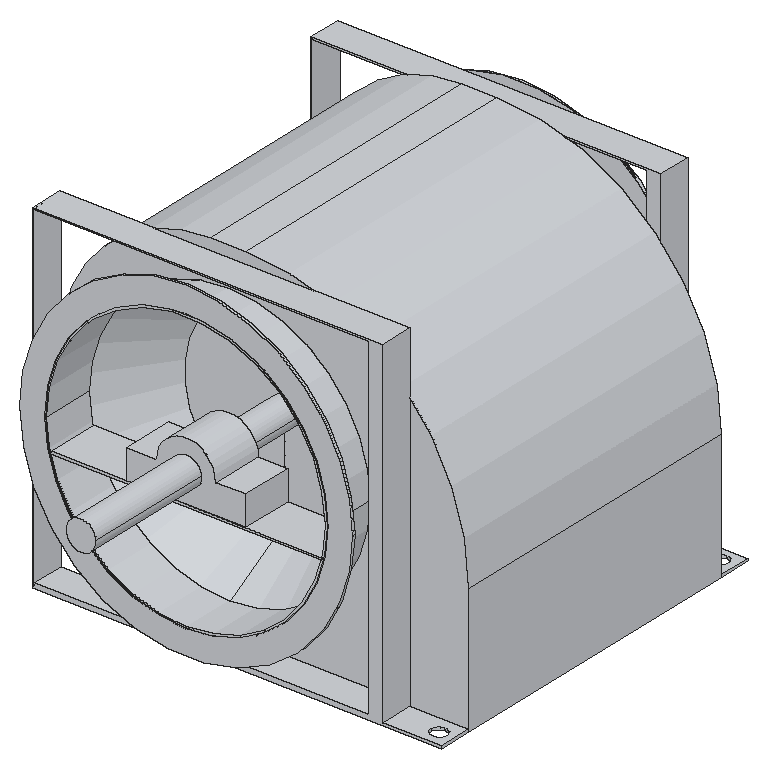
Revit family "CAF_DWDI_CW_DBD", category Mechanical Equipment, Revit 2019
Family settings
  Round Connector Dimension = Use Radius
  Part Type = Normal
  Work Plane-Based = No
  Always vertical = Yes
  Cut with Voids When Loaded = No
  Shared = No
  Room Calculation Point = No
Parameters (values of type "120_CAF-DWDI_CW_DBD_CLASS_3")
  V+(D-(A+.25"))/2 = 1 15/16"
  V = 1"
  Unit Weight [instance] = ""
  U-N = U - N  # 1 1/16"
  U = 7 9/16"
  T/2 = T / 2  # 10 1/32"
  T = 20 1/16"
  Sones [instance] = ""
  S/2 = S / 2  # 10 1/16"
  S = 20 1/8"
  OLD_R/2 = OLD_R / 2  # 9 5/8"
  OLD_R = 19 1/4"
  PLAY = 2"
  P = 31 7/16"
  N = 6 1/2"
  Motor RPM [instance] = ""
  Motor Enclosure [instance] = ""
  ModelID [instance] = ""
  M = 21 13/16"
  LwA [instance] = ""
  L = 10 15/16"
  K/2 = K / 2  # 15/32"
  K = 15/16"
  INLET/4 = INLET / 4  # 4 1/32"
  INLET/2 = INLET / 2  # 8 1/16"
  INLET = 16 1/8"
  H-J = 9 5/8"
  G-(R/2) = OLD_G - (OLD_R / 2)  # 3/16"
  G-(INLET/2)-1.625" = OLD_G - (INLET / 2) - 1 1/2"  # 1/4"
  G+(INLET/2)+1.625" = OLD_G + (INLET / 2) + 1 1/2"  # 19 3/8"
  OLD_G = DB_E  # 9 13/16"
  Fan RPM [instance] = ""
  E/2 = 9 29/32"
  DB_R = 7/8"
  DB_J = 23 5/16"
  DB_H = 1 1/16"
  DB_G = 9 9/16"
  DB_F = 23 5/16"
  DB_E = 9 13/16"
  DB_D = 20 1/16"
  D/2 = 7 1/8"
  C/2 = C / 2  # 27/32"
  C+C = C + C  # 3 3/8"
  C = 1 11/16"
  BOTTOM = 5 7/32"
  B/2 = B / 2  # 8 27/32"
  B+.25" = B + 1/4"  # 17 15/16"
  B = 17 11/16"
  Accessories [instance] = ""
  A/2 = A / 2  # 6 1/16"
  A+.25" = A + 1/4"  # 12 3/8"
  A = 12 1/8"
  60 = 60.00°  # constant formula
  3" = 3"  # constant formula
  Brake Hp [instance] = ""
  D/7 = 1 3/16"
  2' = 24"
  2" = 2"  # constant formula
  1" = 1"  # constant formula
  0 = 0"  # constant formula
  Voltage [instance] = 0 V
  URL = "www.lorencook.com"
  Type Comments = "Centrifugal Airfoil Blower Clockwise Down Blast Arrangement 3 Low Profile Class 3"
  Static Pressure [instance] = 0.00 in-wg
  Power [instance] = Voltage * Motor FLA * sqrt(if(Phase = 3, 3, 1))  # 0 VA
  Phase [instance] = 0
  Number of Poles [instance] = 1
  Motor Hp [instance] = "0"
  Motor FLA [instance] = 0 A
  Model = "CAF-DWDI"  # constant formula
  Manufacturer = "Loren Cook Company"
  CFM [instance] = 0 CFM
  1.5 = 1 1/2"  # constant formula
  ONE EIGTH = 1/8"  # constant formula
  -P = -P  # -31 7/16"
  -(B+.25")/2 = -(B + 1/4") / 2  # -8 31/32"
  (M-(B+.25")/2 = (M - (B + 1/4")) / 2  # 1 15/16"
  (INLET/2)-.125" = (INLET / 2) - 1/8"  # 7 15/16"
  (INLET/2)+1.625" = (INLET / 2) + 1 1/2"  # 9 9/16"
  (INLET/2)+1.5" = (INLET / 2) + 1 7/16"  # 9 1/2"
  (D-(A+.25"))/2 = 15/16"
  (B+.25")/2 = (B + 1/4") / 2  # 8 31/32"
  (A+.25")/2 = (A + 1/4") / 2  # 6 3/16"
  ((M+U+U+N+N)-((B+.25")/2))/2 = ((M + U + U - N - N) - ((B + 1/4"))) / 2  # 3"
Reference planes (in)
  plane 1 "Center (Front/Back)": y = 0
  plane 2: z = 0
  plane 3 "Center (Left/Right)": x = 0.40541
Forms (in)
  Extrusion 1, solid
    sketch origin (0, 0, 0) x (1, 0, 0) y (0, 0, 1)
      loop
        line (-9.15709, 1.1875) -> (1.78041, 1.1875) -> (1.78041, 0) -> (14.15541, 0) -> (14.15541, 20.0625) -> (-9.15709, 20.0625) -> (-9.15709, 1.1875)
    from -8.96875 <- "-(B+.25")/2" to 8.96875 <- "(B+.25")/2"
  Revolve 2, void
    sketch origin (0.40541, 0, 0) x (0, 1, 0) y (0, 0, 1)
      loop
        line (8.96875, 9.8125) -> (4.9375, 9.8125) -> (4.9375, 4.07744) -> (8.96875, 1.75) -> (8.96875, 9.8125)
      loop
        line (-4.9375, 9.8125) -> (-8.96875, 9.8125) -> (-8.96875, 1.75) -> (-4.9375, 4.07744) -> (-4.9375, 9.8125)
      axis (8.96875, 9.8125) -> (-8.96875, 9.8125)
    angle from 0 to 360
  Extrusion 3, solid
    sketch origin (0, -8.96875, 0) x (1, 0, 0) y (0, 0, 1)
      loop
        circle (0.40541, 9.8125) r 7.9375
      loop
        circle (0.40541, 9.8125) r 8.0625
    from 0 <- "0" to 3 <- "((M+U+U+N+N)-((B+.25")/2))/2"
  Extrusion 4, solid
    sketch origin (0, 8.96875, 0) x (-1, 0, 0) y (0, 0, 1)
      loop
        circle (-0.40541, 9.8125) r 7.9375
      loop
        circle (-0.40541, 9.8125) r 8.0625
    from 0 to 3 <- "((M+U+U+N+N)-((B+.25")/2))/2"
  Extrusion 5, solid
    sketch origin (0, 8.96875, 0) x (-1, 0, 0) y (0, 0, 1)
      loop
        line (-14.15541, 0) -> (9.21959, 0) -> (9.21959, 19.4375) -> (-10.74916, 19.4375) -> (-10.74916, 0.125) -> (-14.15541, 0.125) -> (-14.15541, 0)
      loop
        line (9.15709, 19.375) -> (-9.96791, 19.375) -> (-9.96791, 0.25) -> (9.15709, 0.25) -> (9.15709, 19.375)
      loop
        line (-9.96791, 0.1875) -> (-9.96791, 0.125) -> (9.15709, 0.125) -> (9.15709, 0.1875) -> (-9.96791, 0.1875)
    from 0 to 1.9375 <- "(M-(B+.25")/2"
  Extrusion 6, solid
    sketch origin (0, -8.96875, 0) x (1, 0, 0) y (0, 0, 1)
      loop
        line (-9.21959, 19.4375) -> (-9.21959, 0) -> (14.15541, 0) -> (14.15541, 0.125) -> (10.74916, 0.125) -> (10.74916, 19.4375) -> (-9.21959, 19.4375)
      loop
        line (9.96791, 0.125) -> (9.96791, 0.1875) -> (-9.15709, 0.1875) -> (-9.15709, 0.125) -> (9.96791, 0.125)
      loop
        line (-9.15709, 0.25) -> (9.96791, 0.25) -> (9.96791, 19.375) -> (-9.15709, 19.375) -> (-9.15709, 0.25)
    from 0 to 1.9375 <- "(M-(B+.25")/2"
  Extrusion 7, solid
    sketch origin (0, -8.96875, 0) x (1, 0, 0) y (0, 0, 1)
      loop
        arc (-7.35063, 8.125) -> (-7.33676, 8.06244) -> (-7.32238, 8) r 7.9375
        line (-7.32238, 8) -> (8.1332, 8)
        arc (8.1332, 8) -> (8.14758, 8.06244) -> (8.16146, 8.125) r 7.9375
        line (8.16146, 8.125) -> (-7.35063, 8.125)
    from 0 to 3 <- "((M+U+U+N+N)-((B+.25")/2))/2"
  Extrusion 8, solid
    sketch origin (0, 8.96875, 0) x (-1, 0, 0) y (0, 0, 1)
      loop
        arc (-8.16146, 8.125) -> (-8.14758, 8.06244) -> (-8.1332, 8) r 7.9375
        line (-8.1332, 8) -> (7.32238, 8)
        arc (7.32238, 8) -> (7.33676, 8.06244) -> (7.35063, 8.125) r 7.9375
        line (7.35063, 8.125) -> (-8.16146, 8.125)
    from 0 to 3 <- "((M+U+U+N+N)-((B+.25")/2))/2"
  Extrusion 9, solid
    sketch origin (0, -8.96875, 0) x (1, 0, 0) y (0, 0, 1)
      loop
        arc (2.09291, 9.8125) -> (0.40541, 11.5) -> (-1.28209, 9.8125) r 1.6875
        line (-1.28209, 9.8125) -> (-2.96959, 9.8125) -> (-2.96959, 8.125) -> (3.78041, 8.125) -> (3.78041, 9.8125) -> (2.09291, 9.8125)
    from 0 to 3 <- "((M+U+U+N+N)-((B+.25")/2))/2"
  Extrusion 10, solid
    sketch origin (0, 8.96875, 0) x (-1, 0, 0) y (0, 0, 1)
      loop
        arc (1.28209, 9.8125) -> (-0.40541, 11.5) -> (-2.09291, 9.8125) r 1.6875
        line (-2.09291, 9.8125) -> (-3.78041, 9.8125) -> (-3.78041, 8.125) -> (2.96959, 8.125) -> (2.96959, 9.8125) -> (1.28209, 9.8125)
    from 0 to 3 <- "((M+U+U+N+N)-((B+.25")/2))/2"
  Extrusion 11, solid
    sketch origin (0, 11.96875, 0) x (-1, 0, 0) y (0, 0, 1)
      loop
        circle (-0.40541, 9.8125) r 0.84375
    from 0 to -31.4375 <- "-P"
  Extrusion 12, solid
    sketch origin (0, 11.96875, 0) x (-1, 0, 0) y (0, 0, 1)
      loop
        circle (-0.40541, 9.8125) r 8.0625
      loop
        circle (-0.40541, 9.8125) r 9.5
    from 0 to -0.125
  Extrusion 13, solid
    sketch origin (0, -11.96875, 0) x (1, 0, 0) y (0, 0, 1)
      loop
        circle (0.40541, 9.8125) r 8.0625
      loop
        circle (0.40541, 9.8125) r 9.5
    from 0 to -0.125
  Extrusion 14, void
    sketch origin (0, 0, 0) x (1, 0, 0) y (0, 1, 0)
      loop
        circle (13.28041, 10.03125) r 0.46875
      loop
        circle (-6.84459, 10.03125) r 0.46875
      loop
        circle (-6.84459, -10.03125) r 0.46875
      loop
        circle (13.28041, -10.03125) r 0.46875
    from 0 to 0.125
  Extrusion 15, void
    sketch origin (0, 0, 0) x (1, 0, 0) y (0, 0, 1)
      loop
        line (14.15541, 9.8125) -> (17.15541, 9.8125) -> (17.15541, 23.0625) -> (-12.15709, 23.0625) -> (-12.15709, -1.8125) -> (1.78041, -1.8125) -> (1.78041, 1.1875) -> (0.15541, 1.1875)
        arc (0.15541, 1.1875) -> (-6.42952, 3.91507) -> (-9.15709, 10.5) r 9.3125
        line (-9.15709, 10.5) -> (-9.15709, 11.5)
        arc (-9.15709, 11.5) -> (-6.64919, 17.5546) -> (-0.59459, 20.0625) r 8.5625
        line (-0.59459, 20.0625) -> (1.40541, 20.0625)
        arc (1.40541, 20.0625) -> (10.42102, 16.32811) -> (14.15541, 7.3125) r 12.75
        line (14.15541, 7.3125) -> (14.15541, 9.8125)
    from -8.96875 <- "-(B+.25")/2" to 8.96875 <- "(B+.25")/2"
Cuts and joins
  Revolve 2, Extrusion 15 cuts Extrusion 1
  Extrusion 14, Extrusion 15 cuts Extrusion 5
  Extrusion 14, Extrusion 15 cuts Extrusion 6
  Extrusion 15 cuts Extrusion 3
  Extrusion 15 cuts Extrusion 4
  Extrusion 15 cuts Extrusion 7
  Extrusion 15 cuts Extrusion 8
  Extrusion 15 cuts Extrusion 9
  Extrusion 15 cuts Extrusion 10
  Extrusion 15 cuts Extrusion 11
Dimensions and locks (in)
  "0": Revolve 2 sketch curve to cut or joined group of Extrusion 1, Revolve 2, Extrusion 15  (x2)
  "INLET/4": cut or joined group of Extrusion 1, Revolve 2, Extrusion 15 to Revolve 2 sketch curve
  "OLD_G": level to Revolve 2 sketch curve  (x2)
  "INLET/2": Revolve 2 sketch curve to Revolve 2 sketch curve  (x2)
  "OLD_G": Revolve 2 sketch curve to level
  "INLET/4": Revolve 2 sketch curve to Revolve 2 sketch curve
  "0": Extrusion 3 sketch curve to plane 3 "Center (Left/Right)"  (x2)
  "OLD_G": Extrusion 3 sketch curve to level  (x2)
  "OLD_G": level to Extrusion 4 sketch curve  (x2)
  "0": Extrusion 4 sketch curve to plane 3 "Center (Left/Right)"  (x2)
  "OLD_R/2": plane 3 "Center (Left/Right)" to Extrusion 5 sketch curve
  "OLD_R": Extrusion 5 sketch curve to Extrusion 5 sketch curve
  "G-(R/2)": level to Extrusion 5 sketch curve
  "ONE EIGTH": Extrusion 5 sketch curve to Extrusion 5 sketch curve
  "0": Extrusion 6 sketch curve to Extrusion 5  (x3)
  "0": Extrusion 5 to Extrusion 6 sketch curve  (x3)
  "0": Extrusion 7 sketch curve to plane 3 "Center (Left/Right)"  (x2)
  "OLD_G": Extrusion 7 sketch curve to level  (x2)
  "C": Extrusion 7 sketch curve to Extrusion 7 sketch curve
  "ONE EIGTH": Extrusion 7 sketch curve to Extrusion 7 sketch curve
  "0": Extrusion 8 sketch curve to plane 3 "Center (Left/Right)"  (x2)
  "OLD_G": level to Extrusion 8 sketch curve  (x2)
  "C": Extrusion 8 sketch curve to Extrusion 8 sketch curve
  "ONE EIGTH": Extrusion 8 sketch curve to Extrusion 8 sketch curve
  "0": Extrusion 9 sketch curve to Extrusion 7
  "OLD_G": Extrusion 9 sketch curve to level
  "0": Extrusion 9 sketch curve to Extrusion 9 sketch curve  (x2)
  "C+C": Extrusion 9 sketch curve to plane 3 "Center (Left/Right)"  (x2)
  "0": Extrusion 8 to Extrusion 10 sketch curve
  "0": Extrusion 10 sketch curve to Extrusion 10 sketch curve  (x2)
  "0": Extrusion 10 sketch curve to plane 3 "Center (Left/Right)"
  "OLD_G": level to Extrusion 10 sketch curve
  "C+C": Extrusion 10 sketch curve to plane 3 "Center (Left/Right)"
  "C+C": plane 3 "Center (Left/Right)" to Extrusion 10 sketch curve
  "0": Extrusion 11 sketch curve to plane 3 "Center (Left/Right)"
  "OLD_G": level to Extrusion 11 sketch curve
  "0": plane 3 "Center (Left/Right)" to Extrusion 9 sketch curve
  "(INLET/2)+1.625"": plane 3 "Center (Left/Right)" to Extrusion 6 sketch curve  (x2)
  "(INLET/2)+1.625"": Extrusion 6 sketch curve to plane 3 "Center (Left/Right)"  (x2)
  "G+(INLET/2)+1.625"": Extrusion 6 sketch curve to level
  "G-(INLET/2)-1.625"": Extrusion 6 sketch curve to level
  "(INLET/2)+1.625"": Extrusion 5 sketch curve to plane 3 "Center (Left/Right)"  (x2)
  "(INLET/2)+1.625"": plane 3 "Center (Left/Right)" to Extrusion 5 sketch curve  (x2)
  "G-(INLET/2)-1.625"": level to Extrusion 5 sketch curve
  "G+(INLET/2)+1.625"": level to Extrusion 5 sketch curve
  "0": Extrusion 12 sketch curve to plane 3 "Center (Left/Right)"  (x2)
  "OLD_G": level to Extrusion 12 sketch curve  (x2)
  "0": Extrusion 13 sketch curve to plane 3 "Center (Left/Right)"  (x2)
  "OLD_G": Extrusion 13 sketch curve to level  (x2)
  "0": Extrusion 1 sketch curve to level
  "T/2": plane 1 "Center (Front/Back)" to Extrusion 14 sketch curve  (x4)
  "DB_D": Extrusion 1 sketch curve to level
  "DB_F": Extrusion 1 sketch curve to Extrusion 1 sketch curve
  "DB_G": plane 3 "Center (Left/Right)" to Extrusion 1 sketch curve
  "D/7": Extrusion 1 sketch curve to level
  "A+.25"": Extrusion 1 sketch curve to Extrusion 1 sketch curve
  "S": Extrusion 14 sketch curve to Extrusion 14 sketch curve  (x2)
  "DB_R": Extrusion 14 sketch curve to cut or joined group of Extrusion 1, Revolve 2, Extrusion 15  (x2)
  "0": Extrusion 6 sketch curve to cut or joined group of Extrusion 1, Revolve 2, Extrusion 15
  "ONE EIGTH": Extrusion 6 sketch curve to Extrusion 6 sketch curve
  "0": cut or joined group of Extrusion 1, Revolve 2, Extrusion 15 to Extrusion 5 sketch curve
  "ONE EIGTH": level to Extrusion 5 sketch curve
  "OLD_G": Extrusion 15 sketch curve to level
  "3"": Extrusion 15 sketch curve to cut or joined group of Extrusion 1, Revolve 2, Extrusion 15  (x3)
  "3"": cut or joined group of Extrusion 1, Revolve 2, Extrusion 15 to Extrusion 15 sketch curve
  "0": Extrusion 15 sketch curve to cut or joined group of Extrusion 1, Revolve 2, Extrusion 15  (x5)
  Extrusion 15 sketch curve to Extrusion 15 sketch curve = 0"
  Extrusion 15 sketch curve to plane 3 "Center (Left/Right)" = 1"
  plane 3 "Center (Left/Right)" to Extrusion 15 sketch curve = 1"
  "1"": Extrusion 15 sketch curve to plane 3 "Center (Left/Right)"
  "1"": plane 3 "Center (Left/Right)" to Extrusion 15 sketch curve
  "1"": Extrusion 15 sketch curve to Extrusion 15 sketch curve
  "INLET/2": radius of Extrusion 3 sketch curve
  "(INLET/2)-.125"": radius of Extrusion 3 sketch curve
  "INLET/2": radius of Extrusion 4 sketch curve
  "(INLET/2)-.125"": radius of Extrusion 4 sketch curve
  "(INLET/2)-.125"": radius of Extrusion 7 sketch curve  (x2)
  "(INLET/2)-.125"": radius of Extrusion 8 sketch curve  (x2)
  "C": radius of Extrusion 9 sketch curve
  "C": radius of Extrusion 10 sketch curve
  "C/2": radius of Extrusion 11 sketch curve
  "(INLET/2)+1.5"": radius of Extrusion 12 sketch curve
  "INLET/2": radius of Extrusion 12 sketch curve
  "(INLET/2)+1.5"": radius of Extrusion 13 sketch curve
  "INLET/2": radius of Extrusion 13 sketch curve
  "K/2": radius of Extrusion 14 sketch curve  (x4)
  "60": angle Revolve 2 sketch curve to cut or joined group of Extrusion 1, Revolve 2, Extrusion 15
  "60": angle cut or joined group of Extrusion 1, Revolve 2, Extrusion 15 to Revolve 2 sketch curve
Automatic sketch dimensions
  Revolve 2 sketch curve to Revolve 2 sketch curve = 0"  (x2)
  Extrusion 5 sketch curve to Extrusion 1 = 0"
  Extrusion 5 sketch curve to Extrusion 5 sketch curve = 25/32"
Connectors (in)
  hvac at (0.40541, -11.84375, 9.8125), driven by "INLET/2"
    settings: on Extrusion 13, index 2, duct flow 0 CFM, flow factor 0, pres drop 0.00 in-wg, loss coef 0, conn angle 0.00°, conn width 12", conn height 12", conn diameter 16 1/8", duct sys type 29, conn prof type 0, flow config 0, flow direction 1, loss method 0, conn ref index -1, conn util no, is conn primary no, conn desc ""
  hvac at (0.40541, 11.96875, 9.8125), driven by "INLET/2"
    settings: on Extrusion 4, index 3, duct flow 0 CFM, flow factor 0, pres drop 0.00 in-wg, loss coef 0, conn angle 0.00°, conn width 12", conn height 12", conn diameter 16 1/8", duct sys type 29, conn prof type 0, flow config 0, flow direction 1, loss method 0, conn ref index -1, conn util no, is conn primary no, conn desc ""
  hvac at (7.96791, 0, 0), driven by "A+.25"", driven by "B", driven by "CFM"
    settings: on cut or joined group of Extrusion 1, Revolve 2, Extrusion 15, index 5, duct flow 0 CFM, flow factor 0, pres drop 0.00 in-wg, loss coef 0, conn angle 0.00°, conn width 17 11/16", conn height 12 3/8", conn diameter 24", duct sys type 29, conn prof type 1, flow config 0, flow direction 2, loss method 0, conn ref index -1, conn util no, is conn primary yes, conn desc ""
Types (59): name | V+(D-(A+.25"))/2 | V | U-N | U | T/2 | T | S/2 | S | OLD_R/2 | OLD_R | P | N | M | L | K/2 | K | INLET/4 | INLET/2 | INLET | H-J | G-(R/2) | G-(INLET/2)-1.625" | G+(INLET/2)+1.625" | OLD_G | E/2 | DB_R | DB_J | DB_H | DB_G | DB_F | DB_E | DB_D | D/2 | C/2 | C+C | C | BOTTOM | B/2 | B+.25" | B | A/2 | A+.25" | A | D/7 | Type Comments | -P | -(B+.25")/2 | (M-(B+.25")/2 | (INLET/2)-.125" | (INLET/2)+1.625" | (INLET/2)+1.5" | (D-(A+.25"))/2 | (B+.25")/2 | (A+.25")/2 | ((M+U+U+N+N)-((B+.25")/2))/2
  (no name) | 1 15/16" | 1" | 1 1/16" | 7 9/16" | 10 1/32" | 20 1/16" | 10 1/16" | 20 1/8" | 9 5/8" | 19 1/4" | 31 7/16" | 6 1/2" | 21 13/16" | 10 15/16" | 15/32" | 15/16" | 4 1/32" | 8 1/16" | 16 1/8" | 9 5/8" | 3/16" | 1/4" | 19 3/8" | 9 13/16" | 9 29/32" | 7/8" | 23 5/16" | 1 1/16" | 9 9/16" | 23 5/16" | 9 13/16" | 20 1/16" | 7 1/8" | 27/32" | 3 3/8" | 1 11/16" | 5 7/32" | 8 27/32" | 17 15/16" | 17 11/16" | 6 1/16" | 12 3/8" | 12 1/8" | 1 3/16" | "Centrifugal Airfoil Blower Clockwise Down Blast Arrangement 3 Low Profile Class 3" | -31 7/16" | -8 31/32" | 1 15/16" | 7 15/16" | 9 9/16" | 9 1/2" | 15/16" | 8 31/32" | 6 3/16" | 3"
  120_CAF-DWDI_CW_DBD_CLASS_1 | 1 15/16" | 1" | 1 9/16" | 4 5/16" | 9 3/4" | 19 1/2" | 10 1/4" | 20 1/2" | 9 5/8" | 19 1/4" | 26 11/16" | 2 3/4" | 20 13/16" | 10 7/16" | 9/32" | 9/16" | 4 1/32" | 8 1/16" | 16 1/8" | 9 5/8" | 3/16" | 1/4" | 19 3/8" | 9 13/16" | 9 29/32" | 11/16" | 23 3/8" | 1 1/16" | 9 5/8" | 23 3/8" | 9 13/16" | 20 1/16" | 7 1/8" | 23/32" | 2 7/8" | 1 7/16" | 5 7/32" | 8 27/32" | 17 15/16" | 17 11/16" | 6 1/16" | 12 3/8" | 12 1/8" | 1 3/16" | "Centrifugal Airfoil Blower Clockwise Down Blast Arrangement 3 Low Profile Class 1" | -26 11/16" | -8 31/32" | 1 7/16" | 7 15/16" | 9 9/16" | 9 1/2" | 15/16" | 8 31/32" | 6 3/16" | 3"
  135_CAF-DWDI_CW_DBD_CLASS_1 | 1 15/16" | 1" | 1 9/16" | 4 5/16" | 10 7/8" | 21 3/4" | 11 1/2" | 23" | 10 1/2" | 21" | 28 15/16" | 2 3/4" | 23 1/16" | 11 9/16" | 9/32" | 9/16" | 4 13/32" | 8 13/16" | 17 5/8" | 10 13/16" | 5/16" | 1/2" | 21 1/8" | 10 13/16" | 11 1/32" | 11/16" | 25 7/8" | 1 1/16" | 10 1/2" | 25 7/8" | 10 13/16" | 22 9/16" | 7 7/8" | 23/32" | 2 7/8" | 1 7/16" | 5 7/8" | 9 31/32" | 20 3/16" | 19 15/16" | 6 13/16" | 13 7/8" | 13 5/8" | 1 5/16" | "Centrifugal Airfoil Blower Clockwise Down Blast Arrangement 3 Low Profile Class 1" | -28 15/16" | -10 3/32" | 1 7/16" | 8 11/16" | 10 5/16" | 10 1/4" | 15/16" | 10 3/32" | 6 15/16" | 3"
  150_CAF-DWDI_CW_DBD_CLASS_1 | 1 15/16" | 1" | 1 1/16" | 4 7/16" | 12 3/16" | 24 3/8" | 12 15/32" | 24 15/16" | 11 1/4" | 22 1/2" | 31 5/8" | 3 3/8" | 26 1/8" | 13 1/16" | 9/32" | 9/16" | 4 25/32" | 9 9/16" | 19 1/8" | 12" | 3/4" | 15/16" | 23 1/16" | 12" | 12 1/16" | 7/8" | 28 3/16" | 1 1/16" | 11 1/2" | 28 7/16" | 12" | 25 1/16" | 8 11/16" | 23/32" | 2 7/8" | 1 7/16" | 6 17/32" | 11" | 22 1/4" | 22" | 7 5/8" | 15 1/2" | 15 1/4" | 1 115/256" | "Centrifugal Airfoil Blower Clockwise Down Blast Arrangement 3 Low Profile Class 1" | -31 5/8" | -11 1/8" | 1 15/16" | 9 7/16" | 11 1/16" | 11" | 15/16" | 11 1/8" | 7 3/4" | 3"
  165_CAF-DWDI_CW_DBD_CLASS_1 | 1 15/16" | 1" | 1 1/16" | 4 7/16" | 13 3/16" | 26 3/8" | 13 11/16" | 27 3/8" | 12 1/8" | 24 1/4" | 33 11/16" | 3 3/8" | 28 1/8" | 14 1/16" | 15/32" | 15/16" | 5 19/64" | 10 19/32" | 21 3/16" | 13 1/8" | 1" | 1 1/32" | 25 7/32" | 13 1/8" | 13 1/16" | 7/8" | 30 5/8" | 1 1/16" | 12 11/16" | 31 3/16" | 13 1/8" | 27 1/2" | 9 17/32" | 27/32" | 3 3/8" | 1 11/16" | 7 3/16" | 12" | 24 1/4" | 24" | 8 15/32" | 17 3/16" | 16 15/16" | 1 151/256" | "Centrifugal Airfoil Blower Clockwise Down Blast Arrangement 3 Low Profile Class 1" | -33 11/16" | -12 1/8" | 1 15/16" | 10 15/32" | 12 3/32" | 12 1/32" | 15/16" | 12 1/8" | 8 19/32" | 3"
  180_CAF-DWDI_CW_DBD_CLASS_1 | 1 15/16" | 1" | 1 1/16" | 4 13/16" | 14 7/32" | 28 7/16" | 14 7/8" | 29 3/4" | 13 3/8" | 26 3/4" | 36 1/8" | 3 3/4" | 30 3/16" | 15 1/8" | 15/32" | 15/16" | 5 43/64" | 11 11/32" | 22 11/16" | 14 5/16" | 15/16" | 1 15/32" | 27 5/32" | 14 5/16" | 14 3/32" | 7/8" | 33 1/2" | 1 1/16" | 13 13/16" | 33 15/16" | 14 5/16" | 30" | 10 5/16" | 27/32" | 3 3/8" | 1 11/16" | 7 27/32" | 13 1/32" | 26 5/16" | 26 1/16" | 9 1/4" | 18 3/4" | 18 1/2" | 1 23/32" | "Centrifugal Airfoil Blower Clockwise Down Blast Arrangement 3 Low Profile Class 1" | -36 1/8" | -13 5/32" | 1 15/16" | 11 7/32" | 12 27/32" | 12 25/32" | 15/16" | 13 5/32" | 9 3/8" | 3"
  195_CAF-DWDI_CW_DBD_CLASS_1 | 1 31/32" | 1" | 1 1/16" | 4 13/16" | 15 13/32" | 30 13/16" | 16 3/32" | 32 3/16" | 14 1/4" | 28 1/2" | 38 1/2" | 3 3/4" | 32 9/16" | 16 5/16" | 15/32" | 15/16" | 6 3/64" | 12 3/32" | 24 3/16" | 15 1/2" | 1 1/4" | 1 29/32" | 29 3/32" | 15 1/2" | 15 5/16" | 7/8" | 35 15/16" | 1 1/16" | 14 15/16" | 36 5/8" | 15 1/2" | 32 7/16" | 10 27/32" | 27/32" | 3 3/8" | 1 11/16" | 8 15/32" | 14 7/32" | 28 11/16" | 28 7/16" | 9 3/4" | 19 3/4" | 19 1/2" | 1 207/256" | "Centrifugal Airfoil Blower Clockwise Down Blast Arrangement 3 Low Profile Class 1" | -38 1/2" | -14 11/32" | 1 15/16" | 11 31/32" | 13 19/32" | 13 17/32" | 31/32" | 14 11/32" | 9 7/8" | 3"
  210_CAF-DWDI_CW_DBD_CLASS_1 | 1 31/32" | 1" | 2 1/16" | 5 13/16" | 16 3/8" | 32 3/4" | 17 9/32" | 34 9/16" | 15" | 30" | 41 7/16" | 3 3/4" | 34 1/2" | 17 1/4" | 15/32" | 15/16" | 6 31/64" | 12 31/32" | 25 15/16" | 16 11/16" | 1 11/16" | 2 7/32" | 31 5/32" | 16 11/16" | 16 9/32" | 7/8" | 38 5/16" | 1 1/16" | 16 1/8" | 39 3/8" | 16 11/16" | 34 15/16" | 11 29/32" | 27/32" | 3 3/8" | 1 11/16" | 9 1/8" | 15 3/16" | 30 5/8" | 30 3/8" | 10 13/16" | 21 7/8" | 21 5/8" | 1 63/64" | "Centrifugal Airfoil Blower Clockwise Down Blast Arrangement 3 Low Profile Class 1" | -41 7/16" | -15 5/16" | 1 15/16" | 12 27/32" | 14 15/32" | 14 13/32" | 31/32" | 15 5/16" | 10 15/16" | 4"
  225_CAF-DWDI_CW_DBD_CLASS_1 | 2 15/32" | 1" | 2 1/16" | 6 5/16" | 17 7/16" | 34 7/8" | 18 3/4" | 37 1/2" | 15 7/8" | 31 3/4" | 44 1/16" | 4 1/4" | 36 5/8" | 18 5/16" | 15/32" | 15/16" | 6 55/64" | 13 23/32" | 27 7/16" | 17 13/16" | 1 15/16" | 2 19/32" | 33 1/32" | 17 13/16" | 17 27/32" | 7/8" | 41 1/4" | 1 9/16" | 17 1/4" | 42 5/8" | 17 13/16" | 37 3/8" | 13 3/16" | 31/32" | 3 7/8" | 1 15/16" | 9 25/32" | 16 1/4" | 32 3/4" | 32 1/2" | 11 19/32" | 23 7/16" | 23 3/16" | 2 51/256" | "Centrifugal Airfoil Blower Clockwise Down Blast Arrangement 3 Low Profile Class 1" | -44 1/16" | -16 3/8" | 1 15/16" | 13 19/32" | 15 7/32" | 15 5/32" | 1 15/32" | 16 3/8" | 11 23/32" | 4"
  245_CAF-DWDI_CW_DBD_CLASS_1 | 2 15/32" | 1" | 2 1/16" | 6 5/16" | 18 23/32" | 37 7/16" | 20 5/16" | 40 5/8" | 16 7/8" | 33 3/4" | 46 5/8" | 4 1/4" | 39 3/16" | 19 5/8" | 15/32" | 15/16" | 7 23/64" | 14 23/32" | 29 7/16" | 19 3/8" | 2 1/2" | 3 5/32" | 35 19/32" | 19 3/8" | 19 1/8" | 7/8" | 44 3/8" | 1 9/16" | 18 3/4" | 46 1/4" | 19 3/8" | 40 11/16" | 14 11/32" | 31/32" | 3 7/8" | 1 15/16" | 10 21/32" | 17 17/32" | 35 5/16" | 35 1/16" | 12 3/4" | 25 3/4" | 25 1/2" | 2 25/64" | "Centrifugal Airfoil Blower Clockwise Down Blast Arrangement 3 Low Profile Class 1" | -46 5/8" | -17 21/32" | 1 15/16" | 14 19/32" | 16 7/32" | 16 5/32" | 1 15/32" | 17 21/32" | 12 7/8" | 4"
  270_CAF-DWDI_CW_DBD_CLASS_1 | 2 15/32" | 1" | 2 1/16" | 6 5/16" | 21 5/32" | 42 5/16" | 22 1/16" | 44 1/8" | 18 3/4" | 37 1/2" | 51 1/2" | 4 1/4" | 44 9/16" | 22 5/16" | 15/32" | 15/16" | 7 63/64" | 15 31/32" | 31 15/16" | 21 5/16" | 2 9/16" | 3 27/32" | 38 25/32" | 21 5/16" | 21 5/16" | 1 1/8" | 48 7/8" | 1 9/16" | 20 11/16" | 50 13/16" | 21 5/16" | 44 13/16" | 15 11/32" | 1 3/32" | 4 3/8" | 2 3/16" | 11 3/4" | 19 23/32" | 39 11/16" | 39 7/16" | 13 3/4" | 27 3/4" | 27 1/2" | 2 143/256" | "Centrifugal Airfoil Blower Clockwise Down Blast Arrangement 3 Low Profile Class 1" | -51 1/2" | -19 27/32" | 2 7/16" | 15 27/32" | 17 15/32" | 17 13/32" | 1 15/32" | 19 27/32" | 13 7/8" | 4 1/2"
  300_CAF-DWDI_CW_DBD_CLASS_1 | 2 15/32" | 1" | 2 1/8" | 6 3/8" | 22 15/16" | 45 7/8" | 24 13/32" | 48 13/16" | 20 1/4" | 40 1/2" | 55 1/8" | 4 1/4" | 48 1/8" | 24 1/16" | 15/32" | 15/16" | 8 47/64" | 17 15/32" | 34 15/16" | 23 11/16" | 3 7/16" | 4 23/32" | 42 21/32" | 23 11/16" | 23 3/32" | 1 1/8" | 53 9/16" | 1 9/16" | 22 15/16" | 56 1/4" | 23 11/16" | 49 3/4" | 17 3/16" | 1 3/32" | 4 3/8" | 2 3/16" | 13 1/32" | 21 1/2" | 43 1/4" | 43" | 15 19/32" | 31 7/16" | 31 3/16" | 2 221/256" | "Centrifugal Airfoil Blower Clockwise Down Blast Arrangement 3 Low Profile Class 1" | -55 1/8" | -21 5/8" | 2 7/16" | 17 11/32" | 18 31/32" | 18 29/32" | 1 15/32" | 21 5/8" | 15 23/32" | 4 9/16"
  330_CAF-DWDI_CW_DBD_CLASS_1 | 3" | 1" | 1 5/8" | 6" | 25 9/32" | 50 9/16" | 26 7/8" | 53 3/4" | 20 25/32" | 41 9/16" | 59 5/16" | 4 3/8" | 53 3/16" | 26 5/8" | 15/32" | 15/16" | 9 31/64" | 18 31/32" | 37 15/16" | 26" | 5 7/32" | 5 17/32" | 46 15/32" | 26" | 25 21/32" | 1 5/16" | 57 13/16" | 2 1/16" | 25 1/4" | 62 1/4" | 26" | 54 11/16" | 19 3/8" | 1 7/32" | 4 7/8" | 2 7/16" | 14 11/32" | 23 17/32" | 47 5/16" | 47 1/16" | 17 1/4" | 34 3/4" | 34 1/2" | 3 59/256" | "Centrifugal Airfoil Blower Clockwise Down Blast Arrangement 3 Low Profile Class 1" | -59 5/16" | -23 21/32" | 2 15/16" | 18 27/32" | 20 15/32" | 20 13/32" | 2" | 23 21/32" | 17 3/8" | 4 9/16"
  365_CAF-DWDI_CW_DBD_CLASS_1 | 3" | 1" | 2 1/8" | 6 7/8" | 27 27/32" | 55 11/16" | 29 21/32" | 59 5/16" | 22 21/32" | 45 5/16" | 65 5/16" | 4 3/4" | 58 5/16" | 29 3/16" | 15/32" | 15/16" | 10 23/64" | 20 23/32" | 41 7/16" | 28 3/4" | 6 3/32" | 6 17/32" | 50 31/32" | 28 3/4" | 28 7/32" | 1 5/16" | 63 3/8" | 2 1/16" | 27 15/16" | 68 5/8" | 28 3/4" | 60 1/2" | 21 15/32" | 1 11/32" | 5 3/8" | 2 11/16" | 15 7/8" | 26 3/32" | 52 7/16" | 52 3/16" | 19 11/32" | 38 15/16" | 38 11/16" | 3 37/64" | "Centrifugal Airfoil Blower Clockwise Down Blast Arrangement 3 Low Profile Class 1" | -65 5/16" | -26 7/32" | 2 15/16" | 20 19/32" | 22 7/32" | 22 5/32" | 2" | 26 7/32" | 19 15/32" | 5 1/16"
  402_CAF-DWDI_CW_DBD_CLASS_1 | 3 31/32" | 1 15/16" | 1 1/8" | 6" | 31 7/32" | 62 7/16" | 32 3/16" | 64 3/8" | 24 27/32" | 49 11/16" | 71 15/16" | 4 7/8" | 65 15/16" | 33" | 15/32" | 15/16" | 11 19/64" | 22 19/32" | 45 3/16" | 31 5/8" | 6 27/32" | 7 19/32" | 55 25/32" | 31 11/16" | 31" | 1 3/4" | 69 7/16" | 2 1/16" | 30 3/4" | 75 3/8" | 31 11/16" | 66 9/16" | 23 1/32" | 1 15/32" | 5 7/8" | 2 15/16" | 17 15/32" | 28 29/32" | 58 1/16" | 57 13/16" | 20 7/8" | 42" | 41 3/4" | 3 215/256" | "Centrifugal Airfoil Blower Clockwise Down Blast Arrangement 3 Low Profile Class 1" | -71 15/16" | -29 1/32" | 3 15/16" | 22 15/32" | 24 3/32" | 24 1/32" | 2 1/32" | 29 1/32" | 21" | 5 1/16"
  445_CAF-DWDI_CW_DBD_CLASS_1 | 4" | 1 15/16" | 1 1/8" | 6 7/8" | 34 15/32" | 68 15/16" | 35 17/32" | 71 1/16" | 26 31/32" | 53 15/16" | 79 5/16" | 5 3/4" | 72 7/16" | 36 1/4" | 17/32" | 1 1/16" | 12 23/64" | 24 23/32" | 49 7/16" | 35" | 8 1/32" | 8 25/32" | 61 7/32" | 35" | 34 9/32" | 1 3/4" | 76 3/16" | 2 1/8" | 34 1/16" | 83 1/4" | 35" | 73 11/16" | 25 5/32" | 1 15/32" | 5 7/8" | 2 15/16" | 19 11/32" | 32 1/8" | 64 1/2" | 64 1/4" | 22 31/32" | 46 3/16" | 45 15/16" | 4 49/256" | "Centrifugal Airfoil Blower Clockwise Down Blast Arrangement 3 Low Profile Class 1" | -79 5/16" | -32 1/4" | 3 31/32" | 24 19/32" | 26 7/32" | 26 5/32" | 2 1/16" | 32 1/4" | 23 3/32" | 5 3/32"
  490_CAF-DWDI_CW_DBD_CLASS_1 | 4" | 1 15/16" | 1 1/8" | 7" | 37 13/32" | 74 13/16" | 39 3/32" | 78 3/16" | 29 11/32" | 58 11/16" | 85 5/16" | 5 7/8" | 78 5/16" | 39 3/16" | 17/32" | 1 1/16" | 13 3/4" | 27 1/2" | 55" | 38 9/16" | 9 7/32" | 9 9/16" | 67 9/16" | 38 9/16" | 37 7/32" | 1 3/4" | 83 5/16" | 2 1/8" | 37 1/2" | 91 7/16" | 38 9/16" | 81 1/8" | 27 11/16" | 1 23/32" | 6 7/8" | 3 7/16" | 21 9/32" | 35 1/16" | 70 3/8" | 70 1/8" | 25 1/2" | 51 1/4" | 51" | 4 157/256" | "Centrifugal Airfoil Blower Clockwise Down Blast Arrangement 3 Low Profile Class 1" | -85 5/16" | -35 3/16" | 3 31/32" | 27 3/8" | 29" | 28 15/16" | 2 1/16" | 35 3/16" | 25 5/8" | 5 3/32"
  540_CAF-DWDI_CW_DBD_CLASS_1 | 4" | 1 15/16" | 1 1/8" | 7 3/8" | 41 5/16" | 82 5/8" | 43" | 86" | 31 27/32" | 63 11/16" | 93 1/2" | 6 1/4" | 86 1/8" | 43 1/16" | 17/32" | 1 1/16" | 15" | 30" | 60" | 42 7/16" | 10 19/32" | 10 15/16" | 73 15/16" | 42 7/16" | 41 3/32" | 1 3/4" | 91 1/16" | 2 1/8" | 41 5/16" | 100 9/16" | 42 7/16" | 89 3/8" | 30 1/16" | 1 15/32" | 5 7/8" | 2 15/16" | 23 15/32" | 38 31/32" | 78 3/16" | 77 15/16" | 27 7/8" | 56" | 55 3/4" | 5 3/256" | "Centrifugal Airfoil Blower Clockwise Down Blast Arrangement 3 Low Profile Class 1" | -93 1/2" | -39 3/32" | 3 31/32" | 29 7/8" | 31 1/2" | 31 7/16" | 2 1/16" | 39 3/32" | 28" | 5 3/32"
  600_CAF-DWDI_CW_DBD_CLASS_1 | 5" | 2 15/16" | 1/8" | 6 3/8" | 46" | 92" | 47 3/16" | 94 3/8" | 35" | 70" | 102 7/8" | 6 1/4" | 96 1/2" | 48 1/4" | 17/32" | 1 1/16" | 16 1/2" | 33" | 66" | 47 1/8" | 12 1/8" | 12 5/8" | 81 5/8" | 47 1/8" | 45 9/32" | 2 1/4" | 100 5/8" | 2 1/8" | 45 15/16" | 111 9/16" | 47 1/8" | 99 5/16" | 33 9/32" | 1 15/32" | 5 7/8" | 2 15/16" | 26 3/32" | 43 1/8" | 86 1/2" | 86 1/4" | 31 3/32" | 62 7/16" | 62 3/16" | 5 35/64" | "Centrifugal Airfoil Blower Clockwise Down Blast Arrangement 3 Low Profile Class 1" | -102 7/8" | -43 1/4" | 5" | 32 7/8" | 34 1/2" | 34 7/16" | 2 1/16" | 43 1/4" | 31 7/32" | 5 1/8"
  660_CAF-DWDI_CW_DBD_CLASS_1 | 6" | 3 15/16" | 5/8" | 10" | 50 13/16" | 101 5/8" | 51 3/8" | 102 3/4" | 38 9/32" | 76 9/16" | 117 1/8" | 9 3/8" | 107 1/8" | 53 9/16" | 17/32" | 1 1/16" | 18" | 36" | 72" | 51 13/16" | 13 17/32" | 14 5/16" | 89 5/16" | 51 13/16" | 49 5/8" | 2 3/4" | 110 1/4" | 2 1/8" | 50 1/2" | 122 1/2" | 51 13/16" | 109 3/16" | 36 13/32" | 1 23/32" | 6 7/8" | 3 7/16" | 28 11/16" | 47 7/16" | 95 1/8" | 94 7/8" | 34 7/32" | 68 11/16" | 68 7/16" | 6 17/256" | "Centrifugal Airfoil Blower Clockwise Down Blast Arrangement 3 Low Profile Class 1" | -117 1/8" | -47 9/16" | 6" | 35 7/8" | 37 1/2" | 37 7/16" | 2 1/16" | 47 9/16" | 34 11/32" | 6 5/8"
  730_CAF-DWDI_CW_DBD_CLASS_1 | 6" | 3 7/16" | 5/8" | 10" | 55 3/4" | 111 1/2" | 57 1/16" | 114 1/8" | 41 25/32" | 83 9/16" | 127" | 9 3/8" | 117" | 58 1/2" | 17/32" | 1 1/16" | 19 3/4" | 39 1/2" | 79" | 57 1/4" | 15 17/32" | 16 5/16" | 98 5/16" | 57 5/16" | 55 1/16" | 2 3/4" | 121 11/16" | 2 5/8" | 55 13/16" | 135 3/4" | 57 5/16" | 120 11/16" | 40 19/32" | 1 23/32" | 6 7/8" | 3 7/16" | 31 23/32" | 52 3/8" | 105" | 104 3/4" | 37 29/32" | 76 1/16" | 75 13/16" | 6 49/64" | "Centrifugal Airfoil Blower Clockwise Down Blast Arrangement 3 Low Profile Class 1" | -127" | -52 1/2" | 6" | 39 3/8" | 41" | 40 15/16" | 2 9/16" | 52 1/2" | 38 1/32" | 6 5/8"
  120_CAF-DWDI_CW_DBD_CLASS_2 | 1 15/16" | 1" | 1 9/16" | 5 5/16" | 10 1/32" | 20 1/16" | 10 1/16" | 20 1/8" | 9 5/8" | 19 1/4" | 28 3/16" | 3 3/4" | 21 13/16" | 10 15/16" | 15/32" | 15/16" | 4 1/32" | 8 1/16" | 16 1/8" | 9 5/8" | 3/16" | 1/4" | 19 3/8" | 9 13/16" | 9 29/32" | 7/8" | 23 3/8" | 1 1/16" | 9 5/8" | 23 3/8" | 9 13/16" | 20 1/16" | 7 1/8" | 23/32" | 2 7/8" | 1 7/16" | 5 7/32" | 8 27/32" | 17 15/16" | 17 11/16" | 6 1/16" | 12 3/8" | 12 1/8" | 1 3/16" | "Centrifugal Airfoil Blower Clockwise Down Blast Arrangement 3 Low Profile Class 2" | -28 3/16" | -8 31/32" | 1 15/16" | 7 15/16" | 9 9/16" | 9 1/2" | 15/16" | 8 31/32" | 6 3/16" | 3 1/2"
  135_CAF-DWDI_CW_DBD_CLASS_2 | 1 15/16" | 1" | 1 9/16" | 5 7/16" | 11 5/32" | 22 5/16" | 11 5/16" | 22 5/8" | 10 1/2" | 21" | 30 9/16" | 3 7/8" | 24 1/16" | 12 1/16" | 15/32" | 15/16" | 4 13/32" | 8 13/16" | 17 5/8" | 10 13/16" | 5/16" | 1/2" | 21 1/8" | 10 13/16" | 11 1/32" | 7/8" | 25 7/8" | 1 1/16" | 10 1/2" | 25 7/8" | 10 13/16" | 22 9/16" | 7 7/8" | 23/32" | 2 7/8" | 1 7/16" | 5 7/8" | 9 31/32" | 20 3/16" | 19 15/16" | 6 13/16" | 13 7/8" | 13 5/8" | 1 5/16" | "Centrifugal Airfoil Blower Clockwise Down Blast Arrangement 3 Low Profile Class 2" | -30 9/16" | -10 3/32" | 1 15/16" | 8 11/16" | 10 5/16" | 10 1/4" | 15/16" | 10 3/32" | 6 15/16" | 3 1/2"
  150_CAF-DWDI_CW_DBD_CLASS_2 | 1 15/16" | 1" | 2 1/16" | 5 15/16" | 12 3/16" | 24 3/8" | 12 15/32" | 24 15/16" | 11 1/4" | 22 1/2" | 33 1/8" | 3 7/8" | 26 1/8" | 13 1/16" | 15/32" | 15/16" | 4 25/32" | 9 9/16" | 19 1/8" | 12" | 3/4" | 15/16" | 23 1/16" | 12" | 12 1/16" | 7/8" | 28 11/16" | 1 1/16" | 11 3/4" | 28 11/16" | 12" | 25 1/16" | 8 11/16" | 31/32" | 3 7/8" | 1 15/16" | 6 17/32" | 11" | 22 1/4" | 22" | 7 5/8" | 15 1/2" | 15 1/4" | 1 115/256" | "Centrifugal Airfoil Blower Clockwise Down Blast Arrangement 3 Low Profile Class 2" | -33 1/8" | -11 1/8" | 1 15/16" | 9 7/16" | 11 1/16" | 11" | 15/16" | 11 1/8" | 7 3/4" | 4"
  165_CAF-DWDI_CW_DBD_CLASS_2 | 1 15/16" | 1" | 2 1/16" | 5 15/16" | 13 3/16" | 26 3/8" | 13 11/16" | 27 3/8" | 12 1/8" | 24 1/4" | 35 3/16" | 3 7/8" | 28 1/8" | 14 1/16" | 15/32" | 15/16" | 5 19/64" | 10 19/32" | 21 3/16" | 13 1/8" | 1" | 1 1/32" | 25 7/32" | 13 1/8" | 13 1/16" | 7/8" | 31 1/8" | 1 1/16" | 12 11/16" | 31 3/16" | 13 1/8" | 27 1/2" | 9 17/32" | 31/32" | 3 7/8" | 1 15/16" | 7 3/16" | 12" | 24 1/4" | 24" | 8 15/32" | 17 3/16" | 16 15/16" | 1 151/256" | "Centrifugal Airfoil Blower Clockwise Down Blast Arrangement 3 Low Profile Class 2" | -35 3/16" | -12 1/8" | 1 15/16" | 10 15/32" | 12 3/32" | 12 1/32" | 15/16" | 12 1/8" | 8 19/32" | 4"
  180_CAF-DWDI_CW_DBD_CLASS_2 | 1 15/16" | 1" | 2 1/16" | 5 15/16" | 14 7/32" | 28 7/16" | 14 7/8" | 29 3/4" | 13 3/8" | 26 3/4" | 37 1/4" | 3 7/8" | 30 3/16" | 15 1/8" | 15/32" | 15/16" | 5 43/64" | 11 11/32" | 22 11/16" | 14 5/16" | 15/16" | 1 15/32" | 27 5/32" | 14 5/16" | 14 3/32" | 7/8" | 33 1/2" | 1 1/16" | 13 13/16" | 33 15/16" | 14 5/16" | 30" | 10 5/16" | 31/32" | 3 7/8" | 1 15/16" | 7 27/32" | 13 1/32" | 26 5/16" | 26 1/16" | 9 1/4" | 18 3/4" | 18 1/2" | 1 23/32" | "Centrifugal Airfoil Blower Clockwise Down Blast Arrangement 3 Low Profile Class 2" | -37 1/4" | -13 5/32" | 1 15/16" | 11 7/32" | 12 27/32" | 12 25/32" | 15/16" | 13 5/32" | 9 3/8" | 4"
  195_CAF-DWDI_CW_DBD_CLASS_2 | 1 31/32" | 1" | 3 1/16" | 6 15/16" | 15 13/32" | 30 13/16" | 16 3/32" | 32 3/16" | 14 1/4" | 28 1/2" | 39 5/8" | 3 7/8" | 32 9/16" | 16 5/16" | 15/32" | 15/16" | 6 3/64" | 12 3/32" | 24 3/16" | 15 1/2" | 1 1/4" | 1 29/32" | 29 3/32" | 15 1/2" | 15 5/16" | 7/8" | 35 15/16" | 1 1/16" | 14 15/16" | 36 5/8" | 15 1/2" | 32 7/16" | 10 27/32" | 31/32" | 3 7/8" | 1 15/16" | 8 15/32" | 14 7/32" | 28 11/16" | 28 7/16" | 9 3/4" | 19 3/4" | 19 1/2" | 1 207/256" | "Centrifugal Airfoil Blower Clockwise Down Blast Arrangement 3 Low Profile Class 2" | -39 5/8" | -14 11/32" | 1 15/16" | 11 31/32" | 13 19/32" | 13 17/32" | 31/32" | 14 11/32" | 9 7/8" | 5"
  210_CAF-DWDI_CW_DBD_CLASS_2 | 1 31/32" | 1" | 2 9/16" | 6 13/16" | 16 3/8" | 32 3/4" | 17 9/32" | 34 9/16" | 15" | 30" | 42 7/16" | 4 1/4" | 34 1/2" | 17 1/4" | 15/32" | 15/16" | 6 31/64" | 12 31/32" | 25 15/16" | 16 11/16" | 1 11/16" | 2 7/32" | 31 5/32" | 16 11/16" | 16 9/32" | 7/8" | 38 5/16" | 1 1/16" | 16 1/8" | 39 3/8" | 16 11/16" | 34 15/16" | 11 29/32" | 1 3/32" | 4 3/8" | 2 3/16" | 9 1/8" | 15 3/16" | 30 5/8" | 30 3/8" | 10 13/16" | 21 7/8" | 21 5/8" | 1 63/64" | "Centrifugal Airfoil Blower Clockwise Down Blast Arrangement 3 Low Profile Class 2" | -42 7/16" | -15 5/16" | 1 15/16" | 12 27/32" | 14 15/32" | 14 13/32" | 31/32" | 15 5/16" | 10 15/16" | 4 1/2"
  225_CAF-DWDI_CW_DBD_CLASS_2 | 2 15/32" | 1" | 2 9/16" | 6 13/16" | 17 7/16" | 34 7/8" | 18 3/4" | 37 1/2" | 15 7/8" | 31 3/4" | 44 9/16" | 4 1/4" | 36 5/8" | 18 5/16" | 15/32" | 15/16" | 6 55/64" | 13 23/32" | 27 7/16" | 17 13/16" | 1 15/16" | 2 19/32" | 33 1/32" | 17 13/16" | 17 27/32" | 7/8" | 41 1/4" | 1 9/16" | 17 1/4" | 42 5/8" | 17 13/16" | 37 3/8" | 13 3/16" | 1 3/32" | 4 3/8" | 2 3/16" | 9 25/32" | 16 1/4" | 32 3/4" | 32 1/2" | 11 19/32" | 23 7/16" | 23 3/16" | 2 51/256" | "Centrifugal Airfoil Blower Clockwise Down Blast Arrangement 3 Low Profile Class 2" | -44 9/16" | -16 3/8" | 1 15/16" | 13 19/32" | 15 7/32" | 15 5/32" | 1 15/32" | 16 3/8" | 11 23/32" | 4 1/2"
  245_CAF-DWDI_CW_DBD_CLASS_2 | 2 15/32" | 1" | 2 9/16" | 6 15/16" | 18 23/32" | 37 7/16" | 20 5/16" | 40 5/8" | 16 7/8" | 33 3/4" | 47 1/4" | 4 3/8" | 39 3/16" | 19 5/8" | 15/32" | 15/16" | 7 23/64" | 14 23/32" | 29 7/16" | 19 3/8" | 2 1/2" | 3 5/32" | 35 19/32" | 19 3/8" | 19 1/8" | 7/8" | 44 3/8" | 1 9/16" | 18 3/4" | 46 1/4" | 19 3/8" | 40 11/16" | 14 11/32" | 1 7/32" | 4 7/8" | 2 7/16" | 10 21/32" | 17 17/32" | 35 5/16" | 35 1/16" | 12 3/4" | 25 3/4" | 25 1/2" | 2 25/64" | "Centrifugal Airfoil Blower Clockwise Down Blast Arrangement 3 Low Profile Class 2" | -47 1/4" | -17 21/32" | 1 15/16" | 14 19/32" | 16 7/32" | 16 5/32" | 1 15/32" | 17 21/32" | 12 7/8" | 4 1/2"
  270_CAF-DWDI_CW_DBD_CLASS_2 | 2 15/32" | 1" | 2 1/16" | 6 7/16" | 21 5/32" | 42 5/16" | 22 1/16" | 44 1/8" | 18 3/4" | 37 1/2" | 51 5/8" | 4 3/8" | 44 9/16" | 22 5/16" | 15/32" | 15/16" | 7 63/64" | 15 31/32" | 31 15/16" | 21 5/16" | 2 9/16" | 3 27/32" | 38 25/32" | 21 5/16" | 21 5/16" | 1 1/8" | 48 7/8" | 1 9/16" | 20 11/16" | 50 13/16" | 21 5/16" | 44 13/16" | 15 11/32" | 1 7/32" | 4 7/8" | 2 7/16" | 11 3/4" | 19 23/32" | 39 11/16" | 39 7/16" | 13 3/4" | 27 3/4" | 27 1/2" | 2 143/256" | "Centrifugal Airfoil Blower Clockwise Down Blast Arrangement 3 Low Profile Class 2" | -51 5/8" | -19 27/32" | 2 7/16" | 15 27/32" | 17 15/32" | 17 13/32" | 1 15/32" | 19 27/32" | 13 7/8" | 4 1/2"
  300_CAF-DWDI_CW_DBD_CLASS_2 | 2 15/32" | 1" | 2 5/8" | 7 3/8" | 22 15/16" | 45 7/8" | 24 13/32" | 48 13/16" | 20 1/4" | 40 1/2" | 56 1/8" | 4 3/4" | 48 1/8" | 24 1/16" | 17/32" | 1 1/16" | 8 47/64" | 17 15/32" | 34 15/16" | 23 11/16" | 3 7/16" | 4 23/32" | 42 21/32" | 23 11/16" | 23 3/32" | 1 1/8" | 53 9/16" | 1 9/16" | 22 15/16" | 56 1/4" | 23 11/16" | 49 3/4" | 17 3/16" | 1 11/32" | 5 3/8" | 2 11/16" | 13 1/32" | 21 1/2" | 43 1/4" | 43" | 15 19/32" | 31 7/16" | 31 3/16" | 2 221/256" | "Centrifugal Airfoil Blower Clockwise Down Blast Arrangement 3 Low Profile Class 2" | -56 1/8" | -21 5/8" | 2 7/16" | 17 11/32" | 18 31/32" | 18 29/32" | 1 15/32" | 21 5/8" | 15 23/32" | 5 1/16"
  330_CAF-DWDI_CW_DBD_CLASS_2 | 3" | 1" | 2 1/8" | 7" | 25 9/32" | 50 9/16" | 26 7/8" | 53 3/4" | 20 25/32" | 41 9/16" | 60 5/16" | 4 7/8" | 53 3/16" | 26 5/8" | 17/32" | 1 1/16" | 9 31/64" | 18 31/32" | 37 15/16" | 26" | 5 7/32" | 5 17/32" | 46 15/32" | 26" | 25 21/32" | 1 5/16" | 57 13/16" | 2 1/16" | 25 1/4" | 62 1/4" | 26" | 54 11/16" | 19 3/8" | 1 15/32" | 5 7/8" | 2 15/16" | 14 11/32" | 23 17/32" | 47 5/16" | 47 1/16" | 17 1/4" | 34 3/4" | 34 1/2" | 3 59/256" | "Centrifugal Airfoil Blower Clockwise Down Blast Arrangement 3 Low Profile Class 2" | -60 5/16" | -23 21/32" | 2 15/16" | 18 27/32" | 20 15/32" | 20 13/32" | 2" | 23 21/32" | 17 3/8" | 5 1/16"
  365_CAF-DWDI_CW_DBD_CLASS_2 | 3" | 1" | 2 1/8" | 7 1/2" | 27 27/32" | 55 11/16" | 29 21/32" | 59 5/16" | 22 21/32" | 45 5/16" | 65 15/16" | 5 3/8" | 58 5/16" | 29 3/16" | 15/32" | 15/16" | 10 23/64" | 20 23/32" | 41 7/16" | 28 3/4" | 6 3/32" | 6 17/32" | 50 31/32" | 28 3/4" | 28 7/32" | 1 5/16" | 63 3/8" | 2 1/16" | 27 15/16" | 68 5/8" | 28 3/4" | 60 1/2" | 21 15/32" | 1 23/32" | 6 7/8" | 3 7/16" | 15 7/8" | 26 3/32" | 52 7/16" | 52 3/16" | 19 11/32" | 38 15/16" | 38 11/16" | 3 37/64" | "Centrifugal Airfoil Blower Clockwise Down Blast Arrangement 3 Low Profile Class 2" | -65 15/16" | -26 7/32" | 2 15/16" | 20 19/32" | 22 7/32" | 22 5/32" | 2" | 26 7/32" | 19 15/32" | 5 1/16"
  402_CAF-DWDI_CW_DBD_CLASS_2 | 3 31/32" | 1 15/16" | 1 1/8" | 7" | 31 1/4" | 62 1/2" | 32 3/16" | 64 3/8" | 24 27/32" | 49 11/16" | 73" | 5 7/8" | 66" | 33" | 17/32" | 1 1/16" | 11 19/64" | 22 19/32" | 45 3/16" | 31 5/8" | 6 25/32" | 7 17/32" | 55 23/32" | 31 5/8" | 31" | 1 3/4" | 69 1/2" | 2 1/8" | 30 3/4" | 75 7/16" | 31 5/8" | 66 5/8" | 23 1/32" | 1 23/32" | 6 7/8" | 3 7/16" | 17 15/32" | 28 29/32" | 58 1/16" | 57 13/16" | 20 7/8" | 42" | 41 3/4" | 3 215/256" | "Centrifugal Airfoil Blower Clockwise Down Blast Arrangement 3 Low Profile Class 2" | -73" | -29 1/32" | 3 31/32" | 22 15/32" | 24 3/32" | 24 1/32" | 2 1/32" | 29 1/32" | 21" | 5 3/32"
  445_CAF-DWDI_CW_DBD_CLASS_2 | 4" | 1 15/16" | 1 1/8" | 7 1/4" | 34 15/32" | 68 15/16" | 35 17/32" | 71 1/16" | 26 31/32" | 53 15/16" | 79 11/16" | 6 1/8" | 72 7/16" | 36 1/4" | 17/32" | 1 1/16" | 12 23/64" | 24 23/32" | 49 7/16" | 35" | 8 1/32" | 8 25/32" | 61 7/32" | 35" | 34 9/32" | 1 3/4" | 76 3/16" | 2 1/8" | 34 1/16" | 83 1/4" | 35" | 73 11/16" | 25 5/32" | 1 7/32" | 4 7/8" | 2 7/16" | 19 11/32" | 32 1/8" | 64 1/2" | 64 1/4" | 22 31/32" | 46 3/16" | 45 15/16" | 4 49/256" | "Centrifugal Airfoil Blower Clockwise Down Blast Arrangement 3 Low Profile Class 2" | -79 11/16" | -32 1/4" | 3 31/32" | 24 19/32" | 26 7/32" | 26 5/32" | 2 1/16" | 32 1/4" | 23 3/32" | 5 3/32"
  490_CAF-DWDI_CW_DBD_CLASS_2 | 4" | 1 15/16" | 1/8" | 7 5/8" | 37 29/32" | 75 13/16" | 38 19/32" | 77 3/16" | 29 11/32" | 58 11/16" | 87 15/16" | 7 1/2" | 80 5/16" | 40 3/16" | 17/32" | 1 1/16" | 13 3/4" | 27 1/2" | 55" | 38 9/16" | 9 7/32" | 9 9/16" | 67 9/16" | 38 9/16" | 37 7/32" | 2 1/4" | 83 7/16" | 2 1/8" | 37 1/2" | 91 7/16" | 38 9/16" | 81 1/8" | 27 11/16" | 1 15/32" | 5 7/8" | 2 15/16" | 21 9/32" | 35 1/16" | 70 3/8" | 70 1/8" | 25 1/2" | 51 1/4" | 51" | 4 157/256" | "Centrifugal Airfoil Blower Clockwise Down Blast Arrangement 3 Low Profile Class 2" | -87 15/16" | -35 3/16" | 4 31/32" | 27 3/8" | 29" | 28 15/16" | 2 1/16" | 35 3/16" | 25 5/8" | 5 3/32"
  540_CAF-DWDI_CW_DBD_CLASS_2 | 4" | 1 15/16" | 1 5/8" | 10 1/2" | 41 27/32" | 83 11/16" | 42 25/32" | 85 9/16" | 31 27/32" | 63 11/16" | 98 11/16" | 8 7/8" | 88 3/16" | 44 1/8" | 17/32" | 1 1/16" | 15" | 30" | 60" | 42 7/16" | 10 19/32" | 10 15/16" | 73 15/16" | 42 7/16" | 41 3/32" | 2 1/4" | 91 13/16" | 2 5/8" | 41 5/16" | 101 1/8" | 42 7/16" | 89 3/8" | 30 1/16" | 1 23/32" | 6 7/8" | 3 7/16" | 23 15/32" | 38 31/32" | 78 3/16" | 77 15/16" | 27 7/8" | 56" | 55 3/4" | 5 3/256" | "Centrifugal Airfoil Blower Clockwise Down Blast Arrangement 3 Low Profile Class 2" | -98 11/16" | -39 3/32" | 5" | 29 7/8" | 31 1/2" | 31 7/16" | 2 1/16" | 39 3/32" | 28" | 6 5/8"
  600_CAF-DWDI_CW_DBD_CLASS_2 | 5" | 2 15/16" | 5/8" | 9 1/2" | 46 1/2" | 93" | 46 15/16" | 93 7/8" | 35" | 70" | 108" | 8 7/8" | 98 1/2" | 49 1/4" | 17/32" | 1 1/16" | 16 1/2" | 33" | 66" | 47 1/8" | 12 1/8" | 12 5/8" | 81 5/8" | 47 1/8" | 45 9/32" | 2 3/4" | 101 7/16" | 2 5/8" | 45 15/16" | 112 1/16" | 47 1/8" | 99 5/16" | 33 9/32" | 1 23/32" | 6 7/8" | 3 7/16" | 26 3/32" | 43 1/8" | 86 1/2" | 86 1/4" | 31 3/32" | 62 7/16" | 62 3/16" | 5 35/64" | "Centrifugal Airfoil Blower Clockwise Down Blast Arrangement 3 Low Profile Class 2" | -108" | -43 1/4" | 6" | 32 7/8" | 34 1/2" | 34 7/16" | 2 1/16" | 43 1/4" | 31 7/32" | 6 5/8"
  660_CAF-DWDI_CW_DBD_CLASS_2 | 6" | 3 15/16" | 5/8" | 9 1/2" | 50 13/16" | 101 5/8" | 51 5/8" | 103 1/4" | 38 9/32" | 76 9/16" | 116 5/8" | 8 7/8" | 107 1/8" | 53 9/16" | 17/32" | 1 1/16" | 18" | 36" | 72" | 51 13/16" | 13 17/32" | 14 5/16" | 89 5/16" | 51 13/16" | 49 5/8" | 2 3/4" | 110 3/4" | 2 5/8" | 50 1/2" | 123" | 51 13/16" | 109 3/16" | 36 13/32" | 1 23/32" | 6 7/8" | 3 7/16" | 28 11/16" | 47 7/16" | 95 1/8" | 94 7/8" | 34 7/32" | 68 11/16" | 68 7/16" | 6 17/256" | "Centrifugal Airfoil Blower Clockwise Down Blast Arrangement 3 Low Profile Class 2" | -116 5/8" | -47 9/16" | 6" | 35 7/8" | 37 1/2" | 37 7/16" | 2 1/16" | 47 9/16" | 34 11/32" | 6 5/8"
  730_CAF-DWDI_CW_DBD_CLASS_2 | 6" | 3 7/16" | 5/8" | 9 5/8" | 55 13/16" | 111 5/8" | 57 3/32" | 114 3/16" | 41 25/32" | 83 9/16" | 126 3/4" | 9" | 117 1/8" | 58 9/16" | 17/32" | 1 1/16" | 19 3/4" | 39 1/2" | 79" | 57 1/4" | 15 17/32" | 16 5/16" | 98 5/16" | 57 5/16" | 55 1/16" | 2 3/4" | 121 3/4" | 2 11/16" | 55 7/8" | 135 13/16" | 57 5/16" | 120 3/4" | 40 19/32" | 1 31/32" | 7 7/8" | 3 15/16" | 31 23/32" | 52 3/8" | 105" | 104 3/4" | 37 29/32" | 76 1/16" | 75 13/16" | 6 49/64" | "Centrifugal Airfoil Blower Clockwise Down Blast Arrangement 3 Low Profile Class 2" | -126 3/4" | -52 1/2" | 6 1/16" | 39 3/8" | 41" | 40 15/16" | 2 9/16" | 52 1/2" | 38 1/32" | 6 11/16"
  120_CAF-DWDI_CW_DBD_CLASS_3 | 1 15/16" | 1" | 1 1/16" | 7 9/16" | 10 1/32" | 20 1/16" | 10 1/16" | 20 1/8" | 9 5/8" | 19 1/4" | 31 7/16" | 6 1/2" | 21 13/16" | 10 15/16" | 15/32" | 15/16" | 4 1/32" | 8 1/16" | 16 1/8" | 9 5/8" | 3/16" | 1/4" | 19 3/8" | 9 13/16" | 9 29/32" | 7/8" | 23 5/16" | 1 1/16" | 9 9/16" | 23 5/16" | 9 13/16" | 20 1/16" | 7 1/8" | 27/32" | 3 3/8" | 1 11/16" | 5 7/32" | 8 27/32" | 17 15/16" | 17 11/16" | 6 1/16" | 12 3/8" | 12 1/8" | 1 3/16" | "Centrifugal Airfoil Blower Clockwise Down Blast Arrangement 3 Low Profile Class 3" | -31 7/16" | -8 31/32" | 1 15/16" | 7 15/16" | 9 9/16" | 9 1/2" | 15/16" | 8 31/32" | 6 3/16" | 3"
  135_CAF-DWDI_CW_DBD_CLASS_3 | 1 15/16" | 1" | 1 1/16" | 7 9/16" | 11 5/32" | 22 5/16" | 11 5/16" | 22 5/8" | 10 1/2" | 21" | 33 11/16" | 6 1/2" | 24 1/16" | 12 1/16" | 15/32" | 15/16" | 4 13/32" | 8 13/16" | 17 5/8" | 10 13/16" | 5/16" | 1/2" | 21 1/8" | 10 13/16" | 11 1/32" | 7/8" | 25 3/4" | 1 1/16" | 10 7/16" | 25 3/4" | 10 13/16" | 22 9/16" | 7 7/8" | 31/32" | 3 7/8" | 1 15/16" | 5 7/8" | 9 31/32" | 20 3/16" | 19 15/16" | 6 13/16" | 13 7/8" | 13 5/8" | 1 5/16" | "Centrifugal Airfoil Blower Clockwise Down Blast Arrangement 3 Low Profile Class 3" | -33 11/16" | -10 3/32" | 1 15/16" | 8 11/16" | 10 5/16" | 10 1/4" | 15/16" | 10 3/32" | 6 15/16" | 3"
  150_CAF-DWDI_CW_DBD_CLASS_3 | 1 15/16" | 1" | 1 1/16" | 7 9/16" | 12 3/16" | 24 3/8" | 12 15/32" | 24 15/16" | 11 1/4" | 22 1/2" | 35 3/4" | 6 1/2" | 26 1/8" | 13 1/16" | 15/32" | 15/16" | 4 25/32" | 9 9/16" | 19 1/8" | 12" | 3/4" | 15/16" | 23 1/16" | 12" | 12 1/16" | 7/8" | 28 1/8" | 1 1/16" | 11 1/2" | 28 7/16" | 12" | 25 1/16" | 8 11/16" | 31/32" | 3 7/8" | 1 15/16" | 6 17/32" | 11" | 22 1/4" | 22" | 7 5/8" | 15 1/2" | 15 1/4" | 1 115/256" | "Centrifugal Airfoil Blower Clockwise Down Blast Arrangement 3 Low Profile Class 3" | -35 3/4" | -11 1/8" | 1 15/16" | 9 7/16" | 11 1/16" | 11" | 15/16" | 11 1/8" | 7 3/4" | 3"
